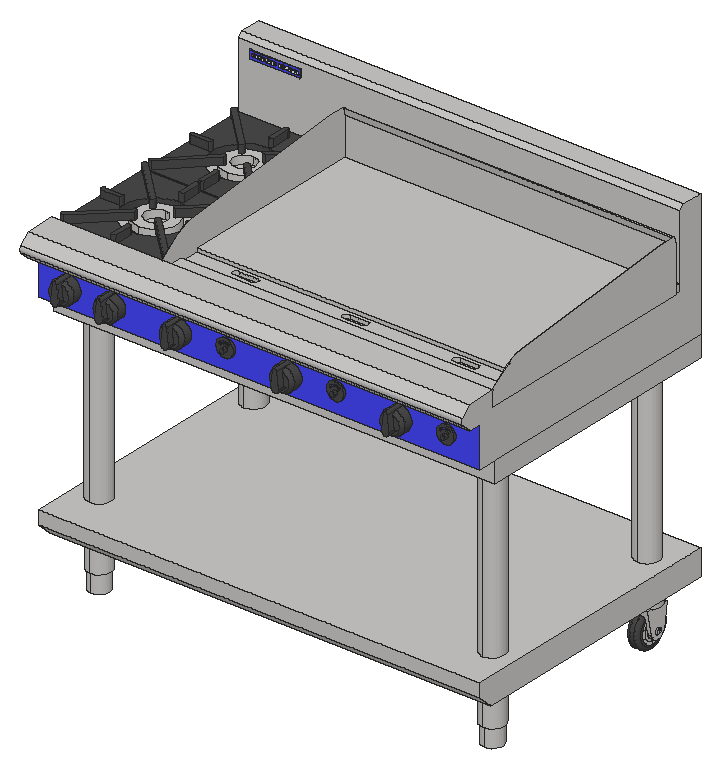
Revit family "QF_MOFFAT_BLUESEAL_CE_G518A-LS", category Specialty Equipment, Revit 2012
Parameters
  Width = 1200 mm
  Weight in Pounds = 347  # constant formula
  URL Cutsheet = "www.moffat.com"
  URL = "www.moffat.com"
  Type Mark [instance] = ""
  Status [instance] = ""
  Specification by User [instance] = ""
  Specification by Manufacturer = ""
  Show Logo [instance] = yes
  Show Casters [instance] = yes
  Serial Number = ""
  Seismic Rating = ""
  SMACNA No = ""
  Revision Code [instance] = ""
  Omniclass Number and Title = ""
  NAFEM Spec ID Number = ""
  Model = "G518A-LS"
  Mechanical Remarks = ""
  Mechanical Connection Type = ""
  Masterspec = ""
  Manufacturer = "MOFFAT BLUESEAL"
  Legs [instance] = not(Show Casters)  # no
  Item Number [instance] = ""
  Installed By [instance] = ""
  Identify Quantity as Lot [instance] = yes
  Gas Size = 3/4"
  Gas RI Height = 0 mm
  Gas KW = 32.2
  Gas Input = 109946.0 Btu/h
  Gas Connection Height = 0 mm
  Furnished By [instance] = ""
  Foodservice Equipment Identifier [instance] = yes
  Description = "1200MM GAS COOK TOP ON LEG STAND"
  Depth = 812 mm
  CSI MasterFormat = ""
  CSI Master Format = ""
  Base Height [instance] = 150 mm
Reference planes
  plane 1 "BACK": y = 0
  plane 2: z = 0
  plane 3 "LEFT": x = 0
  plane 4 "RIGHT": x = 1200
  plane 5 "FRONT": y = -812
  plane 6 "TOP": z = 970
  plane 7 "Center Y": x = 600
  plane 8 "Center X": y = -406
  plane 9 "Base Height": z = 150
  plane 10: z = 915
  plane 11: x = 1070
  plane 12: z = 1085
  plane 13: x = 65.354
  plane 14: y = -625
  plane 15: y = -100
  plane 16: z = 655
  plane 17: x = 1134.646
Forms (mm)
  Extrusion 1, solid, material "QF_Finishes_Stainless Steel"
    sketch origin (0, 0, 0) x (0, 1, 0) y (0, 0, 1)
      loop
        line (-749, 850) -> (-749, 740) -> (0, 740) -> (0, 1085) -> (-57.5, 1085) -> (-70, 1072.5) -> (-70, 875) -> (-705, 875) -> (-705, 915) -> (-783.97, 915) -> (-808.485, 890.485)
        arc (-808.485, 890.485) -> (-811.999, 882) -> (-808.485, 873.515) r 12
        line (-808.485, 873.515) -> (-784.97, 850) -> (-749, 850)
      loop
        line (0, 685) -> (0, 739.5) -> (-699, 739.5) -> (-699, 685) -> (0, 685)
      loop
        line (0, 222.5) -> (-749, 222.5) -> (-749, 186) -> (-713, 150) -> (0, 150) -> (0, 222.5)
    from 0 to 1200
  Revolve 2, solid, material "QF_Finishes_Black"
    sketch origin (90, 7, 600) x (0, 1, 0) y (0, 0, -1)
      loop
        line (-789, -229.5) -> (-766, -229.5) -> (-766, -202) -> (-756, -202) -> (-756, -197) -> (-800, -197) -> (-800, -223.651) -> (-789, -229.5)
      axis (-800, -197) -> (-756, -197)
    angle from 0 to 360
  Extrusion 3, solid, material "QF_Finishes_Black"
    sketch origin (90, -759, 797) x (0, 0, 1) y (1, 0, 0)
      loop
        arc (32.192, -4.965) -> (37.079, 0.034) -> (32.192, 5.033) r 5
        line (32.192, 5.033) -> (-10.726, 10.453)
        arc (-10.726, 10.453) -> (-22.392, 0.618) -> (-11.893, -10.454) r 10.487
        line (-11.893, -10.454) -> (32.192, -4.965)
    from 0 to -49
  Extrusion 4, solid, material "QF_Finishes_Stainless Steel"
    sketch origin (0, 0, 222.5) x (0, -1, 0) y (1, 0, 0)
      loop
        circle (100, 65) r 31.75
      loop
        circle (625, 65) r 31.75
      loop
        circle (100, 1135) r 31.75
      loop
        circle (625, 1135) r 31.75
    from 0 to 462.5
  Revolve 5, solid, material "QF_Finishes_Stainless Steel", visible <- "Legs"
    sketch origin (65.5, -166, 0) x (0, 1, 0) y (0, 0, 1)
      loop
        line (34.25, 150) -> (34.25, 50) -> (38.5, 50) -> (38.5, 0) -> (66, 0) -> (66, 150) -> (34.25, 150)
      axis (66, 150) -> (66, 0)
    angle from 0 to 360
  Revolve 6, solid, material "QF_Finishes_Stainless Steel"
    sketch origin (65.5, -735, 0) x (0, 1, 0) y (0, 0, 1)
      loop
        line (78.25, 150) -> (78.25, 50) -> (82.5, 50) -> (82.5, 0) -> (110, 0) -> (110, 150) -> (78.25, 150)
      axis (110, 150) -> (110, 0)
    angle from 0 to 360
  Revolve 7, solid, material "QF_Finishes_Stainless Steel", visible <- "Show Casters"
    sketch origin (16.276, -100.755, -12.8) x (1, 0, 0) y (0, 0, 1)
      loop
        line (14.841, 63.604) -> (83.584, 63.604) -> (83.584, 67.109) -> (82.314, 68.379) -> (80.79, 68.379) -> (80.79, 71.826) -> (68.644, 71.826) -> (68.644, 81.79) -> (65.088, 83.843) -> (63.738, 92.179) -> (65.881, 92.179) -> (65.881, 98.529) -> (65.088, 98.529) -> (65.088, 104.879)
        arc (65.088, 104.879) -> (62.298, 111.614) -> (55.563, 114.404) r 9.525
        line (55.563, 114.404) -> (42.863, 114.404)
        arc (42.863, 114.404) -> (36.127, 111.614) -> (33.338, 104.879) r 9.525
        line (33.338, 104.879) -> (33.338, 98.529) -> (32.544, 98.529) -> (32.544, 92.179) -> (34.687, 92.179) -> (33.352, 83.932) -> (29.782, 81.871) -> (29.782, 71.826) -> (17.635, 71.826) -> (17.635, 68.379) -> (16.111, 68.379) -> (14.841, 67.109) -> (14.841, 63.604)
      axis (14.841, 63.604) -> (83.584, 63.604)
    angle from 0 to 360
  Extrusion 8, solid, material "QF_Finishes_Stainless Steel", visible <- "Show Casters"
    sketch origin (72.001, 132.353, -8.783) x (0, 1, 0) y (0, 0, 1)
      loop
        line (-200.603, 118.783) -> (-264.103, 118.783) -> (-251.746, 53.895)
        arc (-251.746, 53.895) -> (-232.353, 38.783) -> (-212.959, 53.895) r 20
        line (-212.959, 53.895) -> (-200.603, 118.783)
    from -35.667 to 22.923
  Revolve 9, solid, material "QF_Finishes_Stainless Steel", visible <- "Show Casters"
    sketch origin (65.5, -204, 0) x (0, 1, 0) y (0, 0, 1)
      loop
        line (68.25, 150) -> (68.25, 110) -> (104, 110) -> (104, 150) -> (68.25, 150)
      axis (104, 150) -> (104, 110)
    angle from 0 to 360
  Revolve 10, solid, material "QF_Finishes_Stainless Steel", visible <- "Legs"
    sketch origin (65.5, -166, 0) x (0, 1, 0) y (0, 0, 1)
      loop
        line (34.25, 150) -> (34.25, 50) -> (38.5, 50) -> (38.5, 0) -> (66, 0) -> (66, 150) -> (34.25, 150)
      axis (66, 150) -> (66, 0)
    angle from 0 to 360
  Extrusion 11, solid, material "QF_Finishes_Stainless Steel"
    sketch origin (0, 0, 685) x (-1, 0, 0) y (0, 1, 0)
      loop
        circle (-1070, -32) r 6.35
    from 0 to 30
  Revolve 12, solid, material "QF_Finishes_Black"
    sketch origin (390, 7, 600) x (0, 1, 0) y (0, 0, -1)
      loop
        line (-789, -229.5) -> (-766, -229.5) -> (-766, -202) -> (-756, -202) -> (-756, -197) -> (-800, -197) -> (-800, -223.651) -> (-789, -229.5)
      axis (-800, -197) -> (-756, -197)
    angle from 0 to 360
  Extrusion 13, solid, material "QF_Finishes_Black"
    sketch origin (390, -759, 797) x (0, 0, 1) y (1, 0, 0)
      loop
        arc (32.192, -4.965) -> (37.079, 0.034) -> (32.192, 5.033) r 5
        line (32.192, 5.033) -> (-10.726, 10.453)
        arc (-10.726, 10.453) -> (-22.392, 0.618) -> (-11.893, -10.454) r 10.487
        line (-11.893, -10.454) -> (32.192, -4.965)
    from 0 to -49
  Revolve 14, solid, material "QF_Finishes_Black"
    sketch origin (690, 7, 600) x (0, 1, 0) y (0, 0, -1)
      loop
        line (-789, -229.5) -> (-766, -229.5) -> (-766, -202) -> (-756, -202) -> (-756, -197) -> (-800, -197) -> (-800, -223.651) -> (-789, -229.5)
      axis (-800, -197) -> (-756, -197)
    angle from 0 to 360
  Extrusion 15, solid, material "QF_Finishes_Black"
    sketch origin (690, -759, 797) x (0, 0, 1) y (1, 0, 0)
      loop
        arc (32.192, -4.965) -> (37.079, 0.034) -> (32.192, 5.033) r 5
        line (32.192, 5.033) -> (-10.726, 10.453)
        arc (-10.726, 10.453) -> (-22.392, 0.618) -> (-11.893, -10.454) r 10.487
        line (-11.893, -10.454) -> (32.192, -4.965)
    from 0 to -49
  Revolve 16, solid, material "QF_Finishes_Black"
    sketch origin (210, 7, 600) x (0, 1, 0) y (0, 0, -1)
      loop
        line (-789, -229.5) -> (-766, -229.5) -> (-766, -202) -> (-756, -202) -> (-756, -197) -> (-800, -197) -> (-800, -223.651) -> (-789, -229.5)
      axis (-800, -197) -> (-756, -197)
    angle from 0 to 360
  Extrusion 17, solid, material "QF_Finishes_Black"
    sketch origin (210, -759, 797) x (0, 0, 1) y (1, 0, 0)
      loop
        arc (32.192, -4.965) -> (37.079, 0.034) -> (32.192, 5.033) r 5
        line (32.192, 5.033) -> (-10.726, 10.453)
        arc (-10.726, 10.453) -> (-22.392, 0.618) -> (-11.893, -10.454) r 10.487
        line (-11.893, -10.454) -> (32.192, -4.965)
    from 0 to -49
  Revolve 18, solid, material "QF_Finishes_Stainless Steel", visible <- "Legs"
    sketch origin (1134.5, -166, 0) x (0, 1, 0) y (0, 0, -1)
      loop
        line (34.25, -150) -> (66, -150) -> (66, 0) -> (38.5, 0) -> (38.5, -50) -> (34.25, -50) -> (34.25, -150)
      axis (66, -150) -> (66, 0)
    angle from 0 to 360
  Revolve 19, solid, material "QF_Finishes_Stainless Steel"
    sketch origin (1134.5, -735, 0) x (0, 1, 0) y (0, 0, -1)
      loop
        line (78.25, -150) -> (110, -150) -> (110, 0) -> (82.5, 0) -> (82.5, -50) -> (78.25, -50) -> (78.25, -150)
      axis (110, -150) -> (110, 0)
    angle from 0 to 360
  Revolve 20, solid, material "QF_Finishes_Stainless Steel", visible <- "Show Casters"
    sketch origin (1183.724, -100.755, -12.8) x (-1, 0, 0) y (0, 0, -1)
      loop
        line (14.841, -63.604) -> (14.841, -67.109) -> (16.111, -68.379) -> (17.635, -68.379) -> (17.635, -71.826) -> (29.782, -71.826) -> (29.782, -81.871) -> (33.352, -83.932) -> (34.687, -92.179) -> (32.544, -92.179) -> (32.544, -98.529) -> (33.338, -98.529) -> (33.338, -104.879)
        arc (33.338, -104.879) -> (36.127, -111.614) -> (42.863, -114.404) r 9.525
        line (42.863, -114.404) -> (55.563, -114.404)
        arc (55.563, -114.404) -> (62.298, -111.614) -> (65.088, -104.879) r 9.525
        line (65.088, -104.879) -> (65.088, -98.529) -> (65.881, -98.529) -> (65.881, -92.179) -> (63.738, -92.179) -> (65.088, -83.843) -> (68.644, -81.79) -> (68.644, -71.826) -> (80.79, -71.826) -> (80.79, -68.379) -> (82.314, -68.379) -> (83.584, -67.109) -> (83.584, -63.604) -> (14.841, -63.604)
      axis (14.841, -63.604) -> (83.584, -63.604)
    angle from 0 to 360
  Extrusion 21, solid, material "QF_Finishes_Stainless Steel", visible <- "Show Casters"
    sketch origin (1127.999, 132.353, -8.783) x (0, 1, 0) y (0, 0, -1)
      loop
        line (-200.603, -118.783) -> (-212.959, -53.895)
        arc (-212.959, -53.895) -> (-232.353, -38.783) -> (-251.746, -53.895) r 20
        line (-251.746, -53.895) -> (-264.103, -118.783) -> (-200.603, -118.783)
    from -35.667 to 22.923
  Revolve 22, solid, material "QF_Finishes_Stainless Steel", visible <- "Show Casters"
    sketch origin (1134.5, -204, 0) x (0, 1, 0) y (0, 0, -1)
      loop
        line (68.25, -150) -> (104, -150) -> (104, -110) -> (68.25, -110) -> (68.25, -150)
      axis (104, -150) -> (104, -110)
    angle from 0 to 360
  Revolve 23, solid, material "QF_Finishes_Stainless Steel", visible <- "Legs"
    sketch origin (1134.5, -166, 0) x (0, 1, 0) y (0, 0, -1)
      loop
        line (34.25, -150) -> (66, -150) -> (66, 0) -> (38.5, 0) -> (38.5, -50) -> (34.25, -50) -> (34.25, -150)
      axis (66, -150) -> (66, 0)
    angle from 0 to 360
  Revolve 24, solid, material "QF_Finishes_Black"
    sketch origin (990, 7, 600) x (0, 1, 0) y (0, 0, -1)
      loop
        line (-789, -229.5) -> (-766, -229.5) -> (-766, -202) -> (-756, -202) -> (-756, -197) -> (-800, -197) -> (-800, -223.651) -> (-789, -229.5)
      axis (-800, -197) -> (-756, -197)
    angle from 0 to 360
  Extrusion 25, solid, material "QF_Finishes_Black"
    sketch origin (990, -759, 797) x (0, 0, 1) y (1, 0, 0)
      loop
        arc (32.192, -4.965) -> (37.079, 0.034) -> (32.192, 5.033) r 5
        line (32.192, 5.033) -> (-10.726, 10.453)
        arc (-10.726, 10.453) -> (-22.392, 0.618) -> (-11.893, -10.454) r 10.487
        line (-11.893, -10.454) -> (32.192, -4.965)
    from 0 to -49
  Extrusion 26, solid, material "QF_Finishes_Black"
    sketch origin (0, -749, 850) x (0, 0, -1) y (1, 0, 0)
      loop
        circle (53, 810) r 23.9
      loop
        circle (53, 510) r 23.9
      loop
        arc (45.641, 518.419) -> (46.501, 523.219) -> (41.701, 524.079) r 3.448
        arc (41.701, 524.079) -> (35.116, 509.341) -> (42.919, 495.209) r 18.095
        arc (42.919, 495.209) -> (47.641, 496.491) -> (46.326, 501.204) r 3.448
        arc (46.326, 501.204) -> (42.758, 509.683) -> (45.641, 518.419) r 13.109
      loop
        arc (45.641, 818.419) -> (46.501, 823.219) -> (41.701, 824.079) r 3.448
        arc (41.701, 824.079) -> (35.116, 809.341) -> (42.919, 795.209) r 18.095
        arc (42.919, 795.209) -> (47.641, 796.491) -> (46.326, 801.204) r 3.448
        arc (46.326, 801.204) -> (42.758, 809.683) -> (45.641, 818.419) r 13.109
      loop
        circle (53, 1110) r 23.9
      loop
        arc (45.641, 1118.419) -> (46.501, 1123.219) -> (41.701, 1124.079) r 3.448
        arc (41.701, 1124.079) -> (35.116, 1109.341) -> (42.919, 1095.209) r 18.095
        arc (42.919, 1095.209) -> (47.641, 1096.491) -> (46.326, 1101.204) r 3.448
        arc (46.326, 1101.204) -> (42.758, 1109.683) -> (45.641, 1118.419) r 13.109
    from 0 to 5
  Extrusion 27, solid, material "QF_Finishes_Black"
    sketch origin (0, -754, 850) x (0, 0, -1) y (1, 0, 0)
      loop
        circle (56.5, 810) r 5.75
      loop
        circle (56.5, 510) r 5.75
      loop
        circle (56.5, 1110) r 5.75
    from 0 to 10
Lines and regions (mm)
  Split face 1
    outline origin (0, -56.5, 1085) x (0, 1, 0) y (-1, 0, 0)
      loop
        line (11.115, -638.041) -> (11.115, -866)
        arc (11.115, -866) -> (16.115, -874.66) -> (26.115, -874.66) r 10
        line (26.115, -874.66) -> (33.115, -870.619)
        arc (33.115, -870.619) -> (36.775, -866.959) -> (38.115, -861.959) r 10
        line (38.115, -861.959) -> (38.115, -634)
        arc (38.115, -634) -> (33.115, -625.34) -> (23.115, -625.34) r 10
        line (23.115, -625.34) -> (16.115, -629.381)
        arc (16.115, -629.381) -> (12.455, -633.041) -> (11.115, -638.041) r 10
  Split face 2
    outline origin (0, -56.5, 1085) x (0, 1, 0) y (-1, 0, 0)
      loop
        line (38.115, -1151.959) -> (38.115, -924)
        arc (38.115, -924) -> (33.115, -915.34) -> (23.115, -915.34) r 10
        line (23.115, -915.34) -> (16.115, -919.381)
        arc (16.115, -919.381) -> (12.455, -923.041) -> (11.115, -928.041) r 10
        line (11.115, -928.041) -> (11.115, -1156)
        arc (11.115, -1156) -> (16.115, -1164.66) -> (26.115, -1164.66) r 10
        line (26.115, -1164.66) -> (33.115, -1160.619)
        arc (33.115, -1160.619) -> (36.775, -1156.959) -> (38.115, -1151.959) r 10
  Split face 3
    outline origin (0, -56.5, 1085) x (0, 1, 0) y (-1, 0, 0)
      loop
        line (11.115, -48.041) -> (11.115, -276)
        arc (11.115, -276) -> (16.115, -284.66) -> (26.115, -284.66) r 10
        line (26.115, -284.66) -> (33.115, -280.619)
        arc (33.115, -280.619) -> (36.775, -276.959) -> (38.115, -271.959) r 10
        line (38.115, -271.959) -> (38.115, -44)
        arc (38.115, -44) -> (33.115, -35.34) -> (23.115, -35.34) r 10
        line (23.115, -35.34) -> (16.115, -39.381)
        arc (16.115, -39.381) -> (12.455, -43.041) -> (11.115, -48.041) r 10
  Split face 4
    outline origin (0, -56.5, 1085) x (0, 1, 0) y (-1, 0, 0)
      loop
        arc (38.115, -344) -> (33.115, -335.34) -> (23.115, -335.34) r 10
        line (23.115, -335.34) -> (16.115, -339.381)
        arc (16.115, -339.381) -> (12.455, -343.041) -> (11.115, -348.041) r 10
        line (11.115, -348.041) -> (11.115, -576)
        arc (11.115, -576) -> (16.115, -584.66) -> (26.115, -584.66) r 10
        line (26.115, -584.66) -> (33.115, -580.619)
        arc (33.115, -580.619) -> (36.775, -576.959) -> (38.115, -571.959) r 10
        line (38.115, -571.959) -> (38.115, -344)
  symbolic lines, style "SpecialityEquipmentHiddenLines", visible <- "Show Casters"
    curve 1: line (78.456, -46.735, 0) -> (105.952, -62.61, 0)
    curve 2: line (27.656, -134.723, 0) -> (78.456, -46.735, 0)
    curve 3: line (55.152, -150.598, 0) -> (27.656, -134.723, 0)
    curve 4: line (105.952, -62.61, 0) -> (55.152, -150.598, 0)
    curve 5: line (1148.456, -46.735, 0) -> (1175.952, -62.61, 0)
    curve 6: line (1097.656, -134.723, 0) -> (1148.456, -46.735, 0)
    curve 7: line (1125.152, -150.598, 0) -> (1097.656, -134.723, 0)
    curve 8: line (1175.952, -62.61, 0) -> (1125.152, -150.598, 0)
  symbolic lines
    curve 9: line (0, -783.97, 0) -> (1200, -783.97, 0)
    curve 10: line (0, 0, 0) -> (0, -811.999, 0)
    curve 11: line (1200, -811.999, 0) -> (1200, 0, 0)
    curve 12: line (1200, -811.999, 0) -> (0, -811.999, 0)
    curve 13: line (0, -70, 0) -> (1200, -70, 0)
    curve 14: line (0, -57.5, 0) -> (1200, -57.5, 0)
    curve 15: line (1200, 0, 0) -> (0, 0, 0)
    curve 16: line (271.959, -18.385, 0) -> (44, -18.385, 0)
    curve 17: arc (44, -18.385, 0) -> (35.34, -23.385, 0) -> (35.34, -33.385, 0) r 10
    curve 18: line (35.34, -33.385, 0) -> (39.381, -40.385, 0)
    curve 19: arc (39.381, -40.385, 0) -> (43.041, -44.045, 0) -> (48.041, -45.385, 0) r 10
    curve 20: line (48.041, -45.385, 0) -> (276, -45.385, 0)
    curve 21: arc (276, -45.385, 0) -> (284.66, -40.385, 0) -> (284.66, -30.385, 0) r 10
    curve 22: line (284.66, -30.385, 0) -> (280.619, -23.385, 0)
    curve 23: arc (280.619, -23.385, 0) -> (276.959, -19.725, 0) -> (271.959, -18.385, 0) r 10
    curve 24: line (0, -705, 0) -> (1200, -705, 0)
    curve 25: line (571.959, -18.385, 0) -> (344, -18.385, 0)
    curve 26: arc (344, -18.385, 0) -> (335.34, -23.385, 0) -> (335.34, -33.385, 0) r 10
    curve 27: line (335.34, -33.385, 0) -> (339.381, -40.385, 0)
    curve 28: arc (339.381, -40.385, 0) -> (343.041, -44.045, 0) -> (348.041, -45.385, 0) r 10
    curve 29: line (348.041, -45.385, 0) -> (576, -45.385, 0)
    curve 30: arc (576, -45.385, 0) -> (584.66, -40.385, 0) -> (584.66, -30.385, 0) r 10
    curve 31: line (584.66, -30.385, 0) -> (580.619, -23.385, 0)
    curve 32: arc (580.619, -23.385, 0) -> (576.959, -19.725, 0) -> (571.959, -18.385, 0) r 10
    curve 33: line (861.959, -18.385, 0) -> (634, -18.385, 0)
    curve 34: arc (634, -18.385, 0) -> (625.34, -23.385, 0) -> (625.34, -33.385, 0) r 10
    curve 35: line (625.34, -33.385, 0) -> (629.381, -40.385, 0)
    curve 36: arc (629.381, -40.385, 0) -> (633.041, -44.045, 0) -> (638.041, -45.385, 0) r 10
    curve 37: line (638.041, -45.385, 0) -> (866, -45.385, 0)
    curve 38: arc (866, -45.385, 0) -> (874.66, -40.385, 0) -> (874.66, -30.385, 0) r 10
    curve 39: line (874.66, -30.385, 0) -> (870.619, -23.385, 0)
    curve 40: arc (870.619, -23.385, 0) -> (866.959, -19.725, 0) -> (861.959, -18.385, 0) r 10
    curve 41: line (924, -18.385, 0) -> (1151.959, -18.385, 0)
    curve 42: arc (1151.959, -18.385, 0) -> (1156.959, -19.725, 0) -> (1160.619, -23.385, 0) r 10
    curve 43: line (1160.619, -23.385, 0) -> (1164.66, -30.385, 0)
    curve 44: arc (1164.66, -30.385, 0) -> (1164.66, -40.385, 0) -> (1156, -45.385, 0) r 10
    curve 45: line (1156, -45.385, 0) -> (928.041, -45.385, 0)
    curve 46: arc (928.041, -45.385, 0) -> (923.041, -44.045, 0) -> (919.381, -40.385, 0) r 10
    curve 47: line (919.381, -40.385, 0) -> (915.34, -33.385, 0)
    curve 48: arc (915.34, -33.385, 0) -> (915.34, -23.385, 0) -> (924, -18.385, 0) r 10
Dimensions and locks
  equal spacing: plane 3 "LEFT", plane 7 "Center Y", plane 4 "RIGHT"
  "Width": plane 3 "LEFT" to plane 4 "RIGHT"
  equal spacing: plane 5 "FRONT", plane 8 "Center X", plane 1 "BACK"
  "Depth": plane 5 "FRONT" to plane 1 "BACK"
  equal spacing: plane 4 "RIGHT", plane 7 "Center Y", plane 3 "LEFT"
  plane 4 "RIGHT" to plane 3 "LEFT" = 1200 mm
  plane 5 "FRONT" to plane 1 "BACK" = 812 mm
  "Base Height": plane 9 "Base Height" to level
  plane 6 "TOP" to level = 970 mm
  plane 10 to level = 915 mm
  plane 11 to plane 4 "RIGHT" = 130 mm
  plane 12 to plane 2 = 1085 mm
  Revolve 7 sketch curve to Revolve 7 sketch curve = 50.8 mm
  plane 15 to plane 14 = 525 mm
  plane 16 to plane 2 = 655 mm
  Extrusion 11 sketch curve to plane 1 "BACK" = 32 mm
  Revolve 20 sketch curve to Revolve 20 sketch curve = 50.8 mm
  aligned and locked: level to plane 2
Automatic sketch dimensions
  curve 10 to plane 3 "LEFT" = 0 mm
  curve 24 to plane 4 "RIGHT" = 0 mm
  plane 1 "BACK" to curve 15 = 0 mm
  plane 3 "LEFT" to curve 3 = 27.656 mm
  plane 13 to curve 18 = 30.014 mm
  curve 17 to curve 19 = 4.041 mm
  curve 17 to curve 17 = 8.66 mm
  curve 18 to curve 20 = 8.66 mm
  plane 13 to curve 3 = 10.202 mm
  curve 1 to plane 13 = 13.102 mm
  plane 1 "BACK" to curve 16 = 18.385 mm
  curve 1 to curve 16 = 166.007 mm
  curve 23 to curve 21 = 4.041 mm
  curve 23 to curve 23 = 8.66 mm
  plane 1 "BACK" to curve 22 = 30.385 mm
  curve 23 to curve 22 = 4.041 mm
  curve 22 to curve 26 = 50.679 mm
  plane 1 "BACK" to curve 27 = 40.385 mm
  curve 27 to curve 27 = 4.041 mm
  curve 26 to curve 26 = 8.66 mm
  curve 26 to curve 28 = 4.041 mm
  curve 32 to plane 7 "Center Y" = 28.041 mm
  curve 32 to curve 29 = 4.041 mm
  curve 32 to curve 31 = 8.66 mm
  curve 32 to curve 30 = 4.041 mm
  plane 7 "Center Y" to curve 35 = 25.34 mm
  curve 35 to curve 35 = 4.041 mm
  curve 34 to curve 34 = 8.66 mm
  curve 35 to curve 37 = 8.66 mm
  plane 1 "BACK" to curve 33 = 18.385 mm
  curve 33 to plane 11 = 208.041 mm
  curve 40 to curve 37 = 4.041 mm
  plane 1 "BACK" to curve 39 = 23.385 mm
  curve 33 to curve 39 = 8.66 mm
  plane 1 "BACK" to curve 39 = 30.385 mm
  curve 40 to curve 39 = 4.041 mm
  curve 38 to curve 48 = 40.679 mm
  plane 1 "BACK" to curve 47 = 40.385 mm
  curve 47 to curve 47 = 4.041 mm
  curve 48 to curve 48 = 8.66 mm
  curve 47 to curve 46 = 8.66 mm
  plane 11 to curve 6 = 27.656 mm
  curve 7 to plane 17 = 9.494 mm
  plane 17 to curve 6 = 13.809 mm
  plane 17 to curve 41 = 17.312 mm
  curve 42 to curve 44 = 4.041 mm
  curve 42 to curve 43 = 8.66 mm
  curve 42 to curve 43 = 4.041 mm
  curve 19 to curve 16 = 22 mm
  plane 1 "BACK" to curve 30 = 45.385 mm
  curve 21 to curve 21 = 15 mm
  plane 1 "BACK" to curve 44 = 45.385 mm
  curve 38 to curve 39 = 15 mm
  curve 2 to curve 19 = 1.35 mm
  curve 5 to curve 45 = 1.35 mm
  curve 14 to plane 15 = 42.5 mm
  curve 8 to curve 14 = 5.11 mm
  curve 4 to curve 1 = 15.875 mm
  curve 13 to curve 14 = 12.5 mm
  plane 14 to curve 24 = 80 mm
  curve 9 to plane 5 "FRONT" = 28.03 mm
  curve 10 to plane 5 "FRONT" = 0.001 mm
  curve 37 to curve 35 = 5 mm
  curve 45 to curve 44 = 10 mm
  curve 29 to curve 30 = 10 mm
  curve 18 to curve 17 = 7 mm
  curve 46 to curve 47 = 7 mm
  curve 28 to curve 26 = 7 mm  (x2)
  curve 36 to curve 35 = 7 mm
  curve 46 to curve 48 = 7 mm
  curve 44 to curve 42 = 7 mm
  curve 30 to curve 32 = 7 mm
  curve 21 to curve 23 = 7 mm
  plane 10 to Extrusion 1 sketch curve = 0 mm
  Extrusion 1 sketch curve to plane 9 "Base Height" = 0 mm
  plane 12 to Extrusion 1 sketch curve = 0 mm
  Extrusion 1 sketch curve to plane 1 "BACK" = 0 mm  (x3)
  Extrusion 1 sketch curve to plane 15 = 42.5 mm
  plane 12 to Extrusion 1 sketch curve = 12.5 mm
  Extrusion 1 sketch curve to Extrusion 1 sketch curve = 12.5 mm
  plane 16 to Extrusion 1 sketch curve = 30 mm
  plane 14 to Extrusion 1 sketch curve = 74 mm
  plane 14 to Extrusion 1 sketch curve = 80 mm
  plane 14 to Extrusion 1 sketch curve = 88 mm
  Extrusion 1 sketch curve to Extrusion 1 sketch curve = 44 mm
  Extrusion 1 sketch curve to Extrusion 1 sketch curve = 36 mm
  Extrusion 1 sketch curve to plane 5 "FRONT" = 28.03 mm
  Extrusion 1 sketch curve to plane 5 "FRONT" = 27.03 mm
  Extrusion 1 sketch curve to plane 5 "FRONT" = 12.001 mm
  Extrusion 1 sketch curve to plane 5 "FRONT" = 3.515 mm  (x2)
  plane 9 "Base Height" to Extrusion 1 sketch curve = 36 mm
  plane 9 "Base Height" to Extrusion 1 sketch curve = 72.5 mm
  Extrusion 1 sketch curve to Extrusion 1 sketch curve = 54.5 mm
  Extrusion 1 sketch curve to Extrusion 1 sketch curve = 0.5 mm
  plane 10 to Extrusion 1 sketch curve = 65 mm
  Extrusion 1 sketch curve to Extrusion 1 sketch curve = 23.515 mm
  plane 10 to Extrusion 1 sketch curve = 40 mm
  Extrusion 1 sketch curve to Extrusion 1 sketch curve = 8.485 mm
  Revolve 2 sketch curve to plane 5 "FRONT" = 19 mm
  Revolve 2 sketch curve to Revolve 2 sketch curve = 0 mm  (x2)
  Revolve 2 sketch curve to Revolve 2 sketch curve = 11 mm
  Revolve 2 sketch curve to Revolve 2 sketch curve = 12.7 mm
  Revolve 2 sketch curve to Revolve 2 sketch curve = 23 mm
  Revolve 2 sketch curve to Revolve 2 sketch curve = 10 mm
  plane 10 to Revolve 2 sketch curve = 85.5 mm
  Revolve 2 sketch curve to Revolve 2 sketch curve = 5.849 mm
  Revolve 2 sketch curve to Revolve 2 sketch curve = 27.5 mm
  Revolve 2 sketch curve to Revolve 2 sketch curve = 5 mm
  Extrusion 3 sketch curve to Revolve 2 = 0.034 mm  (x2)
  Revolve 2 to Extrusion 3 sketch curve = 10.454 mm
  Extrusion 3 sketch curve to Extrusion 3 sketch curve = 0.028 mm
  Extrusion 3 sketch curve to Revolve 2 = 10.453 mm
  Extrusion 3 sketch curve to Extrusion 3 sketch curve = 44 mm
  Extrusion 3 sketch curve to Revolve 2 = 5.033 mm
  Extrusion 3 sketch curve to Extrusion 3 sketch curve = 0.113 mm
  Revolve 2 to Extrusion 3 sketch curve = 4.965 mm
  Extrusion 4 sketch curve to Extrusion 4 sketch curve = 0 mm  (x8)
  Extrusion 1 to Extrusion 4 sketch curve = 68.25 mm  (x2)
  Extrusion 4 sketch curve to Extrusion 4 sketch curve = 31.75 mm  (x4)
  Extrusion 4 sketch curve to Extrusion 1 = 155.75 mm  (x2)
  Extrusion 1 to Extrusion 4 sketch curve = 65 mm  (x4)
  Revolve 5 sketch curve to plane 9 "Base Height" = 0 mm
  Revolve 5 sketch curve to level = 0 mm
  Revolve 5 sketch curve to plane 15 = 0 mm  (x2)
  plane 15 to Revolve 5 sketch curve = 27.5 mm
  plane 15 to Revolve 5 sketch curve = 31.75 mm
  Revolve 5 sketch curve to Revolve 5 sketch curve = 55 mm
  level to Revolve 5 sketch curve = 50 mm
  Revolve 5 sketch curve to Revolve 5 sketch curve = 0 mm
  Revolve 6 sketch curve to plane 9 "Base Height" = 0 mm
  Revolve 6 sketch curve to level = 0 mm
  Revolve 6 sketch curve to plane 14 = 0 mm  (x2)
  Revolve 6 sketch curve to Revolve 6 sketch curve = 27.5 mm
  Revolve 6 sketch curve to Revolve 6 sketch curve = 31.75 mm
  Revolve 6 sketch curve to Revolve 6 sketch curve = 55 mm
  level to Revolve 6 sketch curve = 50 mm
  Revolve 6 sketch curve to Revolve 6 sketch curve = 0 mm
  plane 3 "LEFT" to Revolve 7 sketch curve = 31.118 mm
  Revolve 7 sketch curve to Revolve 7 sketch curve = 1.27 mm  (x4)
  Revolve 7 sketch curve to Revolve 7 sketch curve = 1.524 mm  (x2)
  Revolve 7 sketch curve to Revolve 7 sketch curve = 12.146 mm  (x2)
  plane 13 to Revolve 7 sketch curve = 16.533 mm
  Revolve 7 sketch curve to Revolve 7 sketch curve = 0.794 mm  (x2)
  Revolve 7 sketch curve to Revolve 7 sketch curve = 3.57 mm
  Revolve 7 sketch curve to Revolve 7 sketch curve = 2.143 mm
  plane 13 to Revolve 7 sketch curve = 6.215 mm
  Revolve 7 sketch curve to plane 13 = 5.276 mm
  Revolve 7 sketch curve to plane 13 = 6.485 mm
  Revolve 7 sketch curve to plane 13 = 14.661 mm
  Revolve 7 sketch curve to Revolve 7 sketch curve = 1.349 mm  (x2)
  Revolve 7 sketch curve to Revolve 7 sketch curve = 3.556 mm
  Revolve 7 sketch curve to Revolve 7 sketch curve = 33.32 mm
  level to Revolve 7 sketch curve = 50.804 mm
  Revolve 7 sketch curve to Revolve 7 sketch curve = 0 mm
  Revolve 7 sketch curve to Revolve 7 sketch curve = 3.505 mm  (x2)
  Revolve 7 sketch curve to Revolve 7 sketch curve = 3.447 mm  (x2)
  Revolve 7 sketch curve to Revolve 7 sketch curve = 9.964 mm
  Revolve 7 sketch curve to Revolve 7 sketch curve = 10.045 mm
  Revolve 7 sketch curve to Revolve 7 sketch curve = 2.053 mm
  Revolve 7 sketch curve to Revolve 7 sketch curve = 2.061 mm
  Revolve 7 sketch curve to Revolve 7 sketch curve = 8.247 mm
  Revolve 7 sketch curve to Revolve 7 sketch curve = 8.336 mm
  Revolve 7 sketch curve to Revolve 7 sketch curve = 6.35 mm  (x2)
  Extrusion 8 sketch curve to plane 15 = 0 mm
  plane 15 to Extrusion 8 sketch curve = 19.393 mm
  plane 15 to Extrusion 8 sketch curve = 31.75 mm
  Extrusion 8 sketch curve to plane 15 = 19.393 mm
  Extrusion 8 sketch curve to plane 15 = 31.75 mm
  level to Extrusion 8 sketch curve = 45.111 mm
  Extrusion 8 sketch curve to Extrusion 8 sketch curve = 4.889 mm
  Extrusion 8 sketch curve to plane 9 "Base Height" = 40 mm
  Revolve 9 sketch curve to plane 9 "Base Height" = 0 mm
  Revolve 9 sketch curve to plane 15 = 0 mm  (x2)
  plane 15 to Revolve 9 sketch curve = 35.75 mm
  Revolve 9 sketch curve to Revolve 9 sketch curve = 40 mm
  level to Revolve 9 sketch curve = 50 mm
  Revolve 9 sketch curve to level = 55 mm
  Revolve 10 sketch curve to plane 9 "Base Height" = 0 mm
  Revolve 10 sketch curve to level = 0 mm
  Revolve 10 sketch curve to plane 15 = 0 mm  (x2)
  plane 15 to Revolve 10 sketch curve = 27.5 mm
  plane 15 to Revolve 10 sketch curve = 31.75 mm
  Revolve 10 sketch curve to Revolve 10 sketch curve = 55 mm
  level to Revolve 10 sketch curve = 50 mm
  Revolve 10 sketch curve to Revolve 10 sketch curve = 0 mm
  Extrusion 11 sketch curve to Extrusion 11 sketch curve = 0 mm
  Extrusion 11 sketch curve to Extrusion 1 = 38.35 mm
  Extrusion 11 sketch curve to Extrusion 1 = 130 mm
  Split face 1 sketch curve to Extrusion 1 = 12.115 mm
  Split face 1 sketch curve to Split face 1 sketch curve = 5 mm  (x3)
  Split face 1 sketch curve to Split face 1 sketch curve = 10 mm  (x2)
  Split face 1 sketch curve to Split face 1 sketch curve = 7 mm  (x4)
  Split face 1 sketch curve to Extrusion 1 = 325.34 mm
  Split face 1 sketch curve to Split face 1 sketch curve = 4.041 mm  (x2)
  Split face 1 sketch curve to Split face 1 sketch curve = 223.917 mm
  Split face 2 sketch curve to Extrusion 1 = 12.115 mm
  Split face 2 sketch curve to Split face 2 sketch curve = 5 mm  (x3)
  Split face 2 sketch curve to Split face 2 sketch curve = 10 mm  (x2)
  Split face 2 sketch curve to Split face 2 sketch curve = 7 mm  (x4)
  Split face 2 sketch curve to Extrusion 1 = 35.34 mm
  Split face 2 sketch curve to Split face 2 sketch curve = 4.041 mm  (x2)
  Split face 2 sketch curve to Split face 2 sketch curve = 223.917 mm
  Split face 3 sketch curve to Extrusion 1 = 12.115 mm
  Split face 3 sketch curve to Split face 3 sketch curve = 5 mm  (x3)
  Split face 3 sketch curve to Split face 3 sketch curve = 10 mm  (x2)
  Split face 3 sketch curve to Split face 3 sketch curve = 7 mm  (x4)
  Split face 3 sketch curve to Extrusion 1 = 284.66 mm
  Split face 3 sketch curve to Split face 3 sketch curve = 4.041 mm  (x2)
  Split face 3 sketch curve to Extrusion 1 = 48.041 mm
  Revolve 12 sketch curve to plane 5 "FRONT" = 19 mm
  Revolve 12 sketch curve to Revolve 12 sketch curve = 0 mm  (x2)
  Revolve 12 sketch curve to Revolve 12 sketch curve = 11 mm
  Revolve 12 sketch curve to Revolve 12 sketch curve = 12.7 mm
  Revolve 12 sketch curve to Revolve 12 sketch curve = 23 mm
  Revolve 12 sketch curve to Revolve 12 sketch curve = 10 mm
  plane 10 to Revolve 12 sketch curve = 85.5 mm
  Revolve 12 sketch curve to Revolve 12 sketch curve = 5.849 mm
  Revolve 12 sketch curve to Revolve 12 sketch curve = 27.5 mm
  Revolve 12 sketch curve to Revolve 12 sketch curve = 5 mm
  Extrusion 13 sketch curve to Revolve 12 = 0.034 mm  (x2)
  Revolve 12 to Extrusion 13 sketch curve = 10.454 mm
  Extrusion 13 sketch curve to Extrusion 13 sketch curve = 0.028 mm
  Extrusion 13 sketch curve to Revolve 12 = 10.453 mm
  Extrusion 13 sketch curve to Extrusion 13 sketch curve = 44 mm
  Extrusion 13 sketch curve to Revolve 12 = 5.033 mm
  Extrusion 13 sketch curve to Extrusion 13 sketch curve = 0.113 mm
  Revolve 12 to Extrusion 13 sketch curve = 4.965 mm
  Revolve 14 sketch curve to plane 5 "FRONT" = 19 mm
  Revolve 14 sketch curve to Revolve 14 sketch curve = 0 mm  (x2)
  Revolve 14 sketch curve to Revolve 14 sketch curve = 11 mm
  Revolve 14 sketch curve to Revolve 14 sketch curve = 12.7 mm
  Revolve 14 sketch curve to Revolve 14 sketch curve = 23 mm
  Revolve 14 sketch curve to Revolve 14 sketch curve = 10 mm
  plane 10 to Revolve 14 sketch curve = 85.5 mm
  Revolve 14 sketch curve to Revolve 14 sketch curve = 5.849 mm
  Revolve 14 sketch curve to Revolve 14 sketch curve = 27.5 mm
  Revolve 14 sketch curve to Revolve 14 sketch curve = 5 mm
  Extrusion 15 sketch curve to Revolve 14 = 0.034 mm  (x2)
  Revolve 14 to Extrusion 15 sketch curve = 10.454 mm
  Extrusion 15 sketch curve to Extrusion 15 sketch curve = 0.028 mm
  Extrusion 15 sketch curve to Revolve 14 = 10.453 mm
  Extrusion 15 sketch curve to Extrusion 15 sketch curve = 44 mm
  Extrusion 15 sketch curve to Revolve 14 = 5.033 mm
  Extrusion 15 sketch curve to Extrusion 15 sketch curve = 0.113 mm
  Revolve 14 to Extrusion 15 sketch curve = 4.965 mm
  Revolve 16 sketch curve to plane 5 "FRONT" = 19 mm
  Revolve 16 sketch curve to Revolve 16 sketch curve = 0 mm  (x2)
  Revolve 16 sketch curve to Revolve 16 sketch curve = 11 mm
  Revolve 16 sketch curve to Revolve 16 sketch curve = 12.7 mm
  Revolve 16 sketch curve to Revolve 16 sketch curve = 23 mm
  Revolve 16 sketch curve to Revolve 16 sketch curve = 10 mm
  plane 10 to Revolve 16 sketch curve = 85.5 mm
  Revolve 16 sketch curve to Revolve 16 sketch curve = 5.849 mm
  Revolve 16 sketch curve to Revolve 16 sketch curve = 27.5 mm
  Revolve 16 sketch curve to Revolve 16 sketch curve = 5 mm
  Extrusion 17 sketch curve to Revolve 16 = 0.034 mm  (x2)
  Revolve 16 to Extrusion 17 sketch curve = 10.454 mm
  Extrusion 17 sketch curve to Extrusion 17 sketch curve = 0.028 mm
  Extrusion 17 sketch curve to Revolve 16 = 10.453 mm
  Extrusion 17 sketch curve to Extrusion 17 sketch curve = 44 mm
  Extrusion 17 sketch curve to Revolve 16 = 5.033 mm
  Extrusion 17 sketch curve to Extrusion 17 sketch curve = 0.113 mm
  Revolve 16 to Extrusion 17 sketch curve = 4.965 mm
  Revolve 18 sketch curve to plane 9 "Base Height" = 0 mm
  Revolve 18 sketch curve to level = 0 mm
  Revolve 18 sketch curve to plane 15 = 0 mm  (x2)
  plane 15 to Revolve 18 sketch curve = 27.5 mm
  plane 15 to Revolve 18 sketch curve = 31.75 mm
  level to Revolve 18 sketch curve = 50 mm
  Revolve 18 sketch curve to Revolve 18 sketch curve = 0 mm
  Revolve 18 sketch curve to Revolve 18 sketch curve = 55 mm
  Revolve 19 sketch curve to plane 9 "Base Height" = 0 mm
  Revolve 19 sketch curve to level = 0 mm
  Revolve 19 sketch curve to plane 14 = 0 mm  (x2)
  Revolve 19 sketch curve to Revolve 19 sketch curve = 27.5 mm
  Revolve 19 sketch curve to Revolve 19 sketch curve = 31.75 mm
  level to Revolve 19 sketch curve = 50 mm
  Revolve 19 sketch curve to Revolve 19 sketch curve = 0 mm
  Revolve 19 sketch curve to Revolve 19 sketch curve = 55 mm
  plane 4 "RIGHT" to Revolve 20 sketch curve = 31.118 mm
  Revolve 20 sketch curve to Revolve 20 sketch curve = 1.27 mm  (x4)
  Revolve 20 sketch curve to Revolve 20 sketch curve = 1.524 mm  (x2)
  Revolve 20 sketch curve to Revolve 20 sketch curve = 12.146 mm  (x2)
  plane 17 to Revolve 20 sketch curve = 16.533 mm
  Revolve 20 sketch curve to Revolve 20 sketch curve = 0.794 mm  (x2)
  Revolve 20 sketch curve to Revolve 20 sketch curve = 3.57 mm
  Revolve 20 sketch curve to Revolve 20 sketch curve = 2.143 mm
  plane 17 to Revolve 20 sketch curve = 6.215 mm
  Revolve 20 sketch curve to plane 17 = 5.276 mm
  Revolve 20 sketch curve to plane 17 = 6.485 mm
  Revolve 20 sketch curve to plane 17 = 14.661 mm
  Revolve 20 sketch curve to Revolve 20 sketch curve = 1.349 mm  (x2)
  Revolve 20 sketch curve to Revolve 20 sketch curve = 3.556 mm
  Revolve 20 sketch curve to plane 11 = 3.18 mm
  Revolve 20 sketch curve to plane 9 "Base Height" = 48.396 mm
  Revolve 20 sketch curve to Revolve 20 sketch curve = 6.35 mm  (x4)
  Revolve 20 sketch curve to Revolve 20 sketch curve = 8.247 mm
  Revolve 20 sketch curve to Revolve 20 sketch curve = 8.336 mm
  Revolve 20 sketch curve to Revolve 20 sketch curve = 2.061 mm
  Revolve 20 sketch curve to Revolve 20 sketch curve = 2.053 mm
  Revolve 20 sketch curve to Revolve 20 sketch curve = 10.045 mm
  Revolve 20 sketch curve to Revolve 20 sketch curve = 9.964 mm
  Revolve 20 sketch curve to Revolve 20 sketch curve = 3.447 mm  (x2)
  Revolve 20 sketch curve to Revolve 20 sketch curve = 3.505 mm
  Extrusion 21 sketch curve to plane 15 = 0 mm
  plane 15 to Extrusion 21 sketch curve = 19.393 mm
  plane 15 to Extrusion 21 sketch curve = 31.75 mm
  Extrusion 21 sketch curve to plane 15 = 19.393 mm
  Extrusion 21 sketch curve to plane 15 = 31.75 mm
  Extrusion 21 sketch curve to plane 9 "Base Height" = 40 mm
  level to Extrusion 21 sketch curve = 50 mm
  Extrusion 21 sketch curve to Extrusion 21 sketch curve = 4.889 mm
  Revolve 22 sketch curve to plane 9 "Base Height" = 0 mm
  Revolve 22 sketch curve to plane 15 = 0 mm  (x2)
  plane 15 to Revolve 22 sketch curve = 35.75 mm
  Revolve 22 sketch curve to Revolve 22 sketch curve = 40 mm
  level to Revolve 22 sketch curve = 50 mm
  Revolve 22 sketch curve to level = 55 mm
  Revolve 23 sketch curve to plane 9 "Base Height" = 0 mm
  Revolve 23 sketch curve to level = 0 mm
  Revolve 23 sketch curve to plane 15 = 0 mm  (x2)
  plane 15 to Revolve 23 sketch curve = 27.5 mm
  plane 15 to Revolve 23 sketch curve = 31.75 mm
  level to Revolve 23 sketch curve = 50 mm
  Revolve 23 sketch curve to Revolve 23 sketch curve = 0 mm
  Revolve 23 sketch curve to Revolve 23 sketch curve = 55 mm
  Split face 4 sketch curve to Extrusion 1 = 12.115 mm
  Split face 4 sketch curve to Split face 4 sketch curve = 5 mm  (x4)
  Split face 4 sketch curve to Split face 4 sketch curve = 10 mm
  Split face 4 sketch curve to Split face 4 sketch curve = 7 mm  (x4)
  Split face 4 sketch curve to Extrusion 1 = 584.66 mm
  Split face 4 sketch curve to Split face 4 sketch curve = 4.041 mm  (x2)
  Split face 4 sketch curve to Split face 4 sketch curve = 223.917 mm
  Revolve 24 sketch curve to plane 5 "FRONT" = 19 mm
  Revolve 24 sketch curve to Revolve 24 sketch curve = 0 mm  (x2)
  Revolve 24 sketch curve to Revolve 24 sketch curve = 11 mm
  Revolve 24 sketch curve to Revolve 24 sketch curve = 12.7 mm
  Revolve 24 sketch curve to Revolve 24 sketch curve = 23 mm
  Revolve 24 sketch curve to Revolve 24 sketch curve = 10 mm
  plane 10 to Revolve 24 sketch curve = 85.5 mm
  Revolve 24 sketch curve to Revolve 24 sketch curve = 5.849 mm
  Revolve 24 sketch curve to Revolve 24 sketch curve = 27.5 mm
  Revolve 24 sketch curve to Revolve 24 sketch curve = 5 mm
  Extrusion 25 sketch curve to Revolve 24 = 0.034 mm  (x2)
  Revolve 24 to Extrusion 25 sketch curve = 10.454 mm
  Extrusion 25 sketch curve to Extrusion 25 sketch curve = 0.028 mm
  Extrusion 25 sketch curve to Revolve 24 = 10.453 mm
  Extrusion 25 sketch curve to Extrusion 25 sketch curve = 44 mm
  Extrusion 25 sketch curve to Revolve 24 = 5.033 mm
  Extrusion 25 sketch curve to Extrusion 25 sketch curve = 0.113 mm
  Revolve 24 to Extrusion 25 sketch curve = 4.965 mm
  plane 10 to Extrusion 26 sketch curve = 106.701 mm  (x3)
  Extrusion 26 sketch curve to plane 17 = 10.567 mm
  Extrusion 26 sketch curve to Extrusion 26 sketch curve = 1.218 mm  (x3)
  Extrusion 26 sketch curve to Extrusion 26 sketch curve = 1.97 mm  (x6)
  Extrusion 26 sketch curve to Extrusion 26 sketch curve = 1.724 mm  (x3)
  Extrusion 26 sketch curve to Extrusion 26 sketch curve = 1.683 mm  (x3)
  Extrusion 26 sketch curve to Extrusion 26 sketch curve = 6.674 mm  (x3)
  Extrusion 26 sketch curve to Extrusion 26 sketch curve = 0.195 mm  (x3)
  Extrusion 26 sketch curve to Extrusion 26 sketch curve = 2.662 mm  (x3)
  Extrusion 26 sketch curve to Extrusion 26 sketch curve = 2.83 mm  (x3)
  Extrusion 26 sketch curve to Extrusion 26 sketch curve = 8.215 mm  (x3)
  Extrusion 26 sketch curve to Extrusion 26 sketch curve = 0.102 mm  (x3)
  Extrusion 26 sketch curve to Extrusion 26 sketch curve = 0.103 mm  (x3)
  plane 7 "Center Y" to Extrusion 26 sketch curve = 224.079 mm
  Extrusion 26 sketch curve to plane 7 "Center Y" = 75.921 mm
  Extrusion 27 sketch curve to Extrusion 27 sketch curve = 0 mm  (x2)
  Extrusion 27 sketch curve to Extrusion 27 sketch curve = 300 mm  (x2)
  radius of Extrusion 26 sketch curve = 23.9 mm  (x3)
  radius of Extrusion 27 sketch curve = 5.75 mm  (x3)
Nested families
  nested 1: "WALDORF LOGO_FACE BASE" at (32, -70, 1057.475) x (1, 0, 0) z (0, -1, 0), visible <- "Show Logo", type "WALDORF LOGO_FACE BASE", detail levels medium+fine
    with Show Logo yes
  nested 2: "GAS BURNER 300 & GRIDDLE 900" at (0, -70, 875.195), type "GAS BURNER 300 & GRIDDLE 900"
    with Width 1200 mm, Type Mark "", Status "", Specification by User "", Revision Code "", Item Number "", Installed By "", Identify Quantity as Lot yes, Furnished By "", Foodservice Equipment Identifier yes, Depth 635 mm
Connectors
  piping at (1070, -32, 655)
    settings: on Extrusion 11, index 1, connector radius 0.37402", flow factor 0, pipe flow 0 GPM, pressure drop 0.00 psi, fitting loss kfactor 0, connector angle 0.00°, fixture units 0, engagement length 0 mm, flow configuration 1, flow direction 1, fitting loss method 0, system type 7, joint type 0, gender type 0, connector reference index -1, connector utility 0, adjustable connector no, is connector primary yes, fitting loss table "", connector description "GAS CONNECTION"
Definition of nested family "WALDORF LOGO_FACE BASE"
  Parameters (values of type "WALDORF LOGO_FACE BASE")
    Show Logo [instance] = yes
    Default Elevation = 1219.2 mm
  Reference planes
    plane 1 "Center (Front/Back)": y = 0
    plane 2: z = 0
    plane 3 "Center (Left/Right)": x = 0
  Forms (mm)
    Extrusion 1, solid
      sketch origin (0, 0, 0) x (1, 0, 0) y (0, 1, 0)
        loop
          line (-1219.2, 1219.2) -> (-1219.2, -1219.2) -> (1219.2, -1219.2) -> (1219.2, 1219.2) -> (-1219.2, 1219.2)
      from 0 to -304.8
    Extrusion 2, solid, material "QF_Finishes_Blue", visible <- "Show Logo"
      sketch origin (0, -33.217, 0) x (1, 0, 0) y (0, 1, 0)
        loop
          arc (138, 31.942) -> (137.626, 32.844) -> (136.724, 33.217) r 1.276
          line (136.724, 33.217) -> (1.29, 33.217)
          arc (1.29, 33.217) -> (0.378, 32.839) -> (0, 31.927) r 1.29
          line (0, 31.927) -> (0, 11.507)
          arc (0, 11.507) -> (0.378, 10.595) -> (1.29, 10.217) r 1.29
          line (1.29, 10.217) -> (136.71, 10.217)
          arc (136.71, 10.217) -> (137.622, 10.595) -> (138, 11.507) r 1.29
          line (138, 11.507) -> (138, 31.942)
      from 0 to 1.588
    Extrusion 3, solid, material "QF_Finishes_White", visible <- "Show Logo"
      sketch origin (0, -33.217, 1.588) x (1, 0, 0) y (0, 1, 0)
        loop
          arc (108.946, 25.919) -> (107.613, 25.367) -> (107.061, 24.034) r 1.885
          line (107.061, 24.034) -> (107.061, 17.211) -> (112.704, 17.211) -> (112.704, 19.129) -> (115.546, 19.129) -> (115.546, 17.211) -> (121.584, 17.211) -> (121.584, 24.075)
          arc (121.584, 24.075) -> (121.043, 25.379) -> (119.739, 25.919) r 1.845
          line (119.739, 25.919) -> (108.946, 25.919)
        loop
          line (123.478, 25.919) -> (123.478, 17.163) -> (134.904, 17.163) -> (134.904, 19.129) -> (129.246, 19.129) -> (129.246, 25.919) -> (123.478, 25.919)
        loop
          line (112.704, 21.258) -> (115.546, 21.258) -> (115.546, 22.702)
          arc (115.546, 22.702) -> (115.344, 23.188) -> (114.858, 23.389) r 0.687
          line (114.858, 23.389) -> (113.363, 23.389)
          arc (113.363, 23.389) -> (112.897, 23.196) -> (112.704, 22.73) r 0.658
          line (112.704, 22.73) -> (112.704, 21.258)
        loop
          line (105.071, 25.919) -> (93.771, 25.919) -> (93.771, 17.163) -> (105.071, 17.163) -> (105.071, 19.063) -> (99.535, 19.063) -> (99.535, 20.437) -> (105.071, 20.437) -> (105.071, 22.278) -> (99.535, 22.278) -> (99.535, 23.587) -> (105.071, 23.587) -> (105.071, 25.919)
        loop
          line (91.104, 25.919) -> (79.541, 25.919)
          arc (79.541, 25.919) -> (78.558, 25.513) -> (78.152, 24.53) r 1.389
          line (78.152, 24.53) -> (78.152, 22.08)
          arc (78.152, 22.08) -> (78.558, 21.098) -> (79.541, 20.691) r 1.389
          line (79.541, 20.691) -> (86.346, 20.691) -> (86.346, 18.864) -> (83.266, 18.864) -> (83.266, 19.664) -> (78.152, 19.664) -> (78.152, 18.553)
          arc (78.152, 18.553) -> (78.558, 17.57) -> (79.541, 17.163) r 1.389
          line (79.541, 17.163) -> (91.063, 17.163)
          arc (91.063, 17.163) -> (92.045, 17.57) -> (92.452, 18.553) r 1.389
          line (92.452, 18.553) -> (92.452, 20.691)
          arc (92.452, 20.691) -> (92.045, 21.673) -> (91.063, 22.08) r 1.389
          line (91.063, 22.08) -> (83.266, 22.08) -> (83.266, 23.984) -> (86.346, 23.984) -> (86.346, 22.743) -> (92.452, 22.743) -> (92.452, 24.571)
          arc (92.452, 24.571) -> (92.057, 25.524) -> (91.104, 25.919) r 1.348
        loop
          line (70.705, 25.919) -> (59.405, 25.919) -> (59.405, 17.163) -> (70.705, 17.163) -> (70.705, 19.063) -> (65.169, 19.063) -> (65.169, 20.437) -> (70.705, 20.437) -> (70.705, 22.278) -> (65.169, 22.278) -> (65.169, 23.587) -> (70.705, 23.587) -> (70.705, 25.919)
        loop
          line (57.598, 25.919) -> (51.7, 25.919) -> (51.7, 20.18)
          arc (51.7, 20.18) -> (50.63, 19.11) -> (49.56, 20.18) r 1.07
          line (49.56, 20.18) -> (49.56, 25.919) -> (43.663, 25.919) -> (43.663, 19.049)
          arc (43.663, 19.049) -> (44.215, 17.716) -> (45.548, 17.163) r 1.885
          line (45.548, 17.163) -> (55.71, 17.163)
          arc (55.71, 17.163) -> (57.045, 17.716) -> (57.598, 19.051) r 1.887
          line (57.598, 19.051) -> (57.598, 25.919)
        loop
          line (31.62, 25.919) -> (31.62, 17.163) -> (43.046, 17.163) -> (43.046, 19.129) -> (37.388, 19.129) -> (37.388, 25.919) -> (31.62, 25.919)
        loop
          line (15.969, 25.919) -> (15.969, 17.163) -> (28.693, 17.163)
          arc (28.693, 17.163) -> (29.812, 17.627) -> (30.276, 18.746) r 1.582
          line (30.276, 18.746) -> (30.276, 20.447) -> (29.48, 21.243) -> (30.276, 22.039) -> (30.276, 24.332)
          arc (30.276, 24.332) -> (29.811, 25.454) -> (28.688, 25.919) r 1.587
          line (28.688, 25.919) -> (15.969, 25.919)
        loop
          line (21.449, 24.159) -> (21.449, 22.436) -> (23.862, 22.436)
          arc (23.862, 22.436) -> (24.723, 23.298) -> (23.862, 24.159) r 0.861
          line (23.862, 24.159) -> (21.449, 24.159)
        loop
          line (21.449, 20.244) -> (21.449, 18.522) -> (23.862, 18.522)
          arc (23.862, 18.522) -> (24.723, 19.383) -> (23.862, 20.244) r 0.861
          line (23.862, 20.244) -> (21.449, 20.244)
      from 0 to 0.2
    Extrusion 4, solid, material "QF_Finishes_Blue", visible <- "Show Logo"
      sketch origin (-126.498, -31.09, 1.588) x (1, 0, 0) y (0, 1, 0)
        loop
          line (136.738, 23.522) -> (136.738, 15.1)
          arc (136.738, 15.1) -> (140.756, 19.311) -> (136.738, 23.522) r 4.216
      from 0 to 0.2
    Extrusion 5, solid, material "QF_Finishes_Red", visible <- "Show Logo"
      sketch origin (146.849, -31.09, 1.588) x (-1, 0, 0) y (0, -1, 0)
        loop
          arc (136.738, -23.522) -> (140.756, -19.311) -> (136.738, -15.1) r 4.216
          line (136.738, -15.1) -> (136.738, -23.522)
      from 0 to 0.2
  Lines and regions (mm)
    Split face 1
      outline origin (-90.35, -30.793, 1.588) x (1, 0, 0) y (0, 1, 0)
        loop
          circle (100.54, 19.013) r 4.536
  Dimensions and locks
    aligned and locked: plane 2 to Extrusion 1
    aligned and locked: level to Extrusion 1
Definition of nested family "GAS BURNER 300 & GRIDDLE 900"
  Parameters (values of type "GAS BURNER 300 & GRIDDLE 900")
    Width [instance] = 1200 mm
    Weight in Pounds = 0
    URL Cutsheet = ""
    Type Mark [instance] = ""
    Status [instance] = ""
    Specification by User [instance] = ""
    Specification by Manufacturer = ""
    Serial Number = ""
    Seismic Rating = ""
    SMACNA No = ""
    Revision Code [instance] = ""
    Omniclass Number and Title = ""
    NAFEM Spec ID Number = ""
    Masterspec = ""
    Item Number [instance] = ""
    Installed By [instance] = ""
    Identify Quantity as Lot [instance] = yes
    Furnished By [instance] = ""
    Foodservice Equipment Identifier [instance] = yes
    Depth [instance] = 635 mm
    CSI MasterFormat = ""
    CSI Master Format = ""
  Reference planes
    plane 1 "BACK": y = 0
    plane 2: z = 0
    plane 3 "LEFT": x = 0
    plane 4 "RIGHT": x = 1200
    plane 5 "FRONT": y = -635
    plane 6 "TOP": z = 142.5
    plane 7 "Center Y": x = 600
    plane 8 "Center X": y = -317.5
  Dimensions and locks
    equal spacing: plane 3 "LEFT", plane 7 "Center Y", plane 4 "RIGHT"
    "Width": plane 3 "LEFT" to plane 4 "RIGHT"
    equal spacing: plane 5 "FRONT", plane 8 "Center X", plane 1 "BACK"
    "Depth": plane 5 "FRONT" to plane 1 "BACK"
    aligned and locked: level to plane 2
  Nested families
    nested 1: "GAS BURNER 300 & GRIDDLE 600" at (-1, 0, 0), type "GAS BURNER 300 & GRIDDLE 600"
      with Width 300 mm, Type Mark "", Status "", Specification by User "", Revision Code "", Item Number "", Installed By "", Identify Quantity as Lot yes, Furnished By "", Foodservice Equipment Identifier yes, Depth 635 mm
    nested 2: "GAS GRIDDLE PLATE 900" at (300, -15, 0), type "GAS GRIDDLE PLATE 900"
      with Width 900 mm, Type Mark "", Status "", Specification by User "", Revision Code "", Item Number "", Installed By "", Identify Quantity as Lot yes, Furnished By "", Foodservice Equipment Identifier yes, Depth 620 mm
  Definition of nested family "GAS BURNER 300 & GRIDDLE 600"
    Parameters (values of type "GAS BURNER 300 & GRIDDLE 600")
      Width [instance] = 300 mm
      Weight in Pounds = 0
      URL Cutsheet = ""
      Type Mark [instance] = ""
      Status [instance] = ""
      Specification by User [instance] = ""
      Specification by Manufacturer = ""
      Serial Number = ""
      Seismic Rating = ""
      SMACNA No = ""
      Revision Code [instance] = ""
      Omniclass Number and Title = ""
      NAFEM Spec ID Number = ""
      Masterspec = ""
      Item Number [instance] = ""
      Installed By [instance] = ""
      Identify Quantity as Lot [instance] = yes
      Furnished By [instance] = ""
      Foodservice Equipment Identifier [instance] = yes
      Depth [instance] = 635 mm
      CSI MasterFormat = ""
      CSI Master Format = ""
    Reference planes
      plane 1 "BACK": y = 0
      plane 2: z = 0
      plane 3 "LEFT": x = 0
      plane 4 "RIGHT": x = 300
      plane 5 "FRONT": y = -635
      plane 6 "TOP": z = 142.5
      plane 7 "Center Y": x = 150
      plane 8 "Center X": y = -317.5
    Forms (mm)
      Extrusion 1, solid, material "QF_Finishes_Black"
        sketch origin (0, 0, 0) x (0, -1, 0) y (1, 0, 0)
          loop
            line (318.5, 4) -> (318.5, 296)
            arc (318.5, 296) -> (317.621, 298.121) -> (315.5, 299) r 3
            line (315.5, 299) -> (3, 299)
            arc (3, 299) -> (0.879, 298.121) -> (0, 296) r 3
            line (0, 296) -> (0, 4)
            arc (0, 4) -> (0.879, 1.879) -> (3, 1) r 3
            line (3, 1) -> (315.5, 1)
            arc (315.5, 1) -> (317.621, 1.879) -> (318.5, 4) r 3
          loop
            line (324.5, 1) -> (632, 1)
            arc (632, 1) -> (634.121, 1.879) -> (635, 4) r 3
            line (635, 4) -> (635, 296)
            arc (635, 296) -> (634.121, 298.121) -> (632, 299) r 3
            line (632, 299) -> (324.5, 299)
            arc (324.5, 299) -> (322.379, 298.121) -> (321.5, 296) r 3
            line (321.5, 296) -> (321.5, 4)
            arc (321.5, 4) -> (322.379, 1.879) -> (324.5, 1) r 3
          loop
            circle (168.5, 149.991) r 84.082
          loop
            circle (468.5, 149.991) r 84.082
        from 0 to 19.5
      Extrusion 2, solid, material "QF_Finishes_Black"
        sketch origin (0, 0, 19.5) x (0, -1, 0) y (1, 0, 0)
          loop
            spline (326.102, 15.153) -> (325.181, 13.924) -> (324.631, 12.47) -> (324.49, 10.89) -> (324.767, 9.292) -> (325.443, 7.786) -> (326.473, 6.473) -> (327.786, 5.443) -> (329.292, 4.767) -> (330.89, 4.49) -> (332.47, 4.631) -> (333.924, 5.181) -> (335.153, 6.102)
            line (335.153, 6.102) -> (443.076, 114.025)
            spline (443.076, 114.025) -> (443.837, 115.095) -> (444.238, 116.399) -> (444.251, 117.851) -> (443.875, 119.35) -> (443.137, 120.795) -> (442.086, 122.086) -> (440.795, 123.137) -> (439.35, 123.875) -> (437.851, 124.251) -> (436.399, 124.238) -> (435.095, 123.837) -> (434.025, 123.076)
            line (434.025, 123.076) -> (326.102, 15.153)
          loop
            spline (328.898, 156.4) -> (327.604, 156.182) -> (326.398, 155.543) -> (325.362, 154.525) -> (324.568, 153.2) -> (324.068, 151.656) -> (323.898, 150) -> (324.068, 148.344) -> (324.568, 146.8) -> (325.362, 145.475) -> (326.398, 144.457) -> (327.604, 143.818) -> (328.898, 143.6)
            line (328.898, 143.6) -> (378.102, 143.6)
            spline (378.102, 143.6) -> (379.396, 143.818) -> (380.602, 144.457) -> (381.638, 145.475) -> (382.432, 146.8) -> (382.932, 148.344) -> (383.102, 150) -> (382.932, 151.656) -> (382.432, 153.2) -> (381.638, 154.525) -> (380.602, 155.543) -> (379.396, 156.182) -> (378.102, 156.4)
            line (378.102, 156.4) -> (328.898, 156.4)
          loop
            spline (335.153, 293.898) -> (334.084, 294.659) -> (332.779, 295.059) -> (331.328, 295.072) -> (329.829, 294.697) -> (328.384, 293.959) -> (327.092, 292.908) -> (326.041, 291.616) -> (325.303, 290.171) -> (324.928, 288.672) -> (324.941, 287.221) -> (325.341, 285.916) -> (326.102, 284.847)
            line (326.102, 284.847) -> (434.025, 176.924)
            spline (434.025, 176.924) -> (435.095, 176.163) -> (436.399, 175.762) -> (437.851, 175.749) -> (439.35, 176.125) -> (440.795, 176.863) -> (442.086, 177.914) -> (443.137, 179.205) -> (443.875, 180.65) -> (444.251, 182.149) -> (444.238, 183.601) -> (443.837, 184.905) -> (443.076, 185.975)
            line (443.076, 185.975) -> (335.153, 293.898)
          loop
            line (463.6, 291.102) -> (463.6, 241.898)
            spline (463.6, 241.898) -> (463.818, 240.604) -> (464.457, 239.398) -> (465.475, 238.362) -> (466.8, 237.568) -> (468.344, 237.068) -> (470, 236.898) -> (471.656, 237.068) -> (473.2, 237.568) -> (474.525, 238.362) -> (475.543, 239.398) -> (476.182, 240.604) -> (476.4, 241.898)
            line (476.4, 241.898) -> (476.4, 291.102)
            spline (476.4, 291.102) -> (476.182, 292.396) -> (475.543, 293.602) -> (474.525, 294.638) -> (473.2, 295.432) -> (471.656, 295.932) -> (470, 296.102) -> (468.344, 295.932) -> (466.8, 295.432) -> (465.475, 294.638) -> (464.457, 293.602) -> (463.818, 292.396) -> (463.6, 291.102)
          loop
            spline (612.398, 284.847) -> (613.159, 285.916) -> (613.559, 287.221) -> (613.572, 288.672) -> (613.197, 290.171) -> (612.459, 291.616) -> (611.408, 292.908) -> (610.116, 293.959) -> (608.671, 294.697) -> (607.172, 295.072) -> (605.721, 295.059) -> (604.416, 294.659) -> (603.347, 293.898)
            line (603.347, 293.898) -> (496.924, 185.975)
            spline (496.924, 185.975) -> (496.163, 184.905) -> (495.762, 183.601) -> (495.749, 182.149) -> (496.125, 180.65) -> (496.863, 179.205) -> (497.914, 177.914) -> (499.205, 176.863) -> (500.65, 176.125) -> (502.149, 175.749) -> (503.601, 175.762) -> (504.905, 176.163) -> (505.975, 176.924)
            line (505.975, 176.924) -> (612.398, 284.847)
